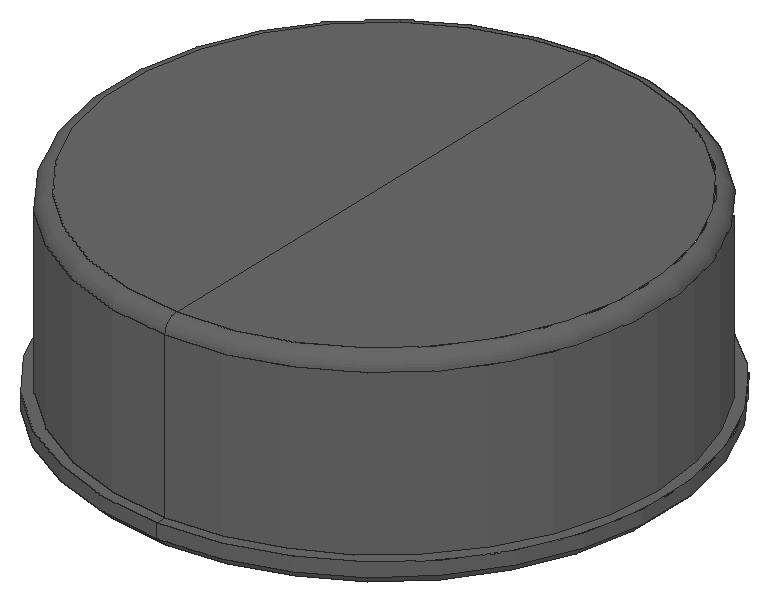
Revit family "RB_Заглушка", category Соединительные детали воздуховодов, Revit 2023
Family settings
  Размер круглого соединителя = Использовать диаметр
  Тип детали = Мультипорт
  На основе рабочей плоскости = Нет
  Всегда вертикально = Да
  При загрузке вырезать с полостями = Нет
  Общий = Да
Parameters (values of type "Default")
  Отметка по умолчанию = 0 mm
  Материал = тёмный
  ADSK_Наименование [instance] = "Заглушка 75 мм"  # constant formula
  ADSK_Масса = 0
  ADSK_Марка [instance] = ""  # constant formula
  ADSK_Количество [instance] = 1  # constant formula
  ADSK_Код изделия [instance] = ""  # constant formula
  ADSK_Завод-изготовитель = "ООО"  # constant formula
  ADSK_Единица измерения [instance] = "шт."  # constant formula
Reference planes
  plane 1 "По центру (Вперед/Назад)": y = 0
  plane 2: z = 0
  plane 3 "По центру (Влево/Вправо)": x = 0
Forms (mm)
  Revolve 1, solid, material "тёмный" <- "Материал"
    sketch origin (0, 0, 0) x (0, 1, 0) y (0, 0, 1)
      loop
        line (0, 25) -> (-36.549, 25)
        arc (-36.549, 25) -> (-37.963, 24.414) -> (-38.549, 23) r 2
        line (-38.549, 23) -> (-38.549, 0) -> (-40.088, 0) -> (-40.022, -2.013) -> (-38.398, -3.475) -> (-37.352, -3.475) -> (-37.352, 5) -> (0, 5) -> (0, 25)
      axis (0, 25) -> (0, -3.475)
    angle from 0 to 360
  Extrusion 2, solid, material "тёмный" <- "Материал"
    sketch origin (0, 0, 0) x (1, 0, 0) y (0, 1, 0)
      loop
        line (-6.918, 28.717) -> (-6.918, -28.717) -> (6.918, -28.717) -> (6.918, 28.717) -> (-6.918, 28.717)
    from -7.808 to 5
Dimensions and locks
  equal spacing: Extrusion 2 sketch curve, plane 1 "По центру (Вперед/Назад)", Extrusion 2 sketch curve
  equal spacing: Extrusion 2 sketch curve, plane 3 "По центру (Влево/Вправо)", Extrusion 2 sketch curve
  aligned and locked: level to plane 2
